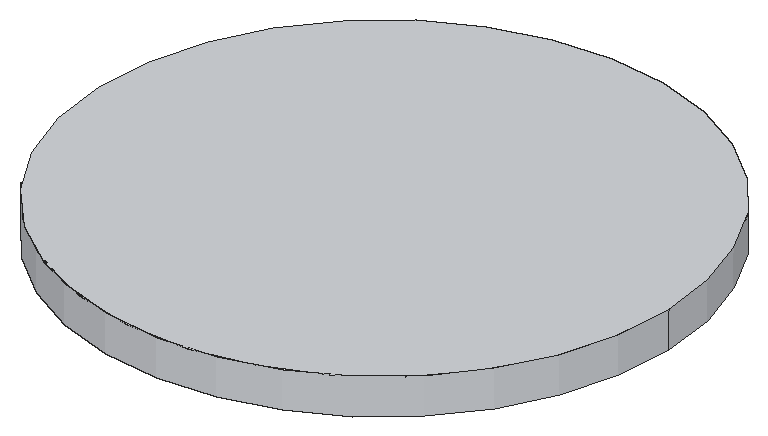
Revit family "F005-47X3", category Furniture Systems, Revit 2019
Family settings
  Round Connector Dimension = Use Diameter
  Part Type = Normal
  Work Plane-Based = No
  Always vertical = Yes
  Cut with Voids When Loaded = No
  Shared = No
  Room Calculation Point = No
Parameters
  URL = "https://fomcore.com/"
  Model = "F005-47x3"
  Manufacturer = "FOMCORE"
  Fabric = none
  Description = "Nest Series - Falcon's/Hex Egg Pad"
Reference planes (in)
  plane 1 "Center F/B": y = 0
  plane 2: z = 0
  plane 3 "Center L/R": x = 0
  plane 4: y = 23.5
  plane 5: x = 23.5
  plane 6: y = 23.5
  plane 7: x = -23.5
  plane 8: y = -23.5
Forms (in)
  Extrusion 1, solid, material <- "Fabric"
    sketch origin (0, 0, 0) x (1, 0, 0) y (0, 1, 0)
      loop
        circle (0, 0) r 23.5
    from 0 to 3
Dimensions and locks (in)
  plane 6 to plane 8 = 3' - 11"
  plane 7 to plane 5 = 3' - 11"
  aligned and locked: level to plane 2
